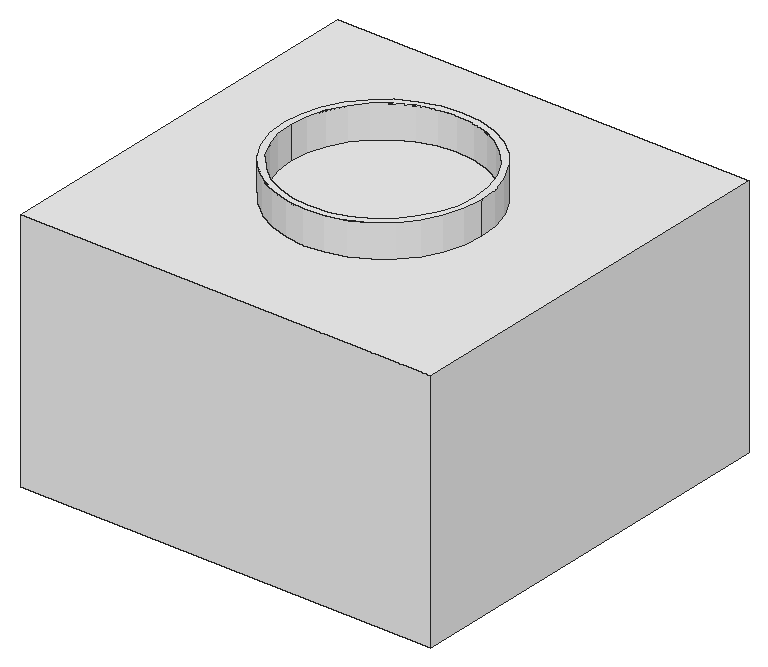
Revit family "Lighting-Recessed-Amerlux-E475RA-C3M", category Lighting Fixtures, host Face, Revit 2014
Parameters (values of type "Trimless")
  Width = 10 1/16"
  Wattage = 9.2903 W
  built-in parameter 1150110 = 1 (stored number, unit not read)
  Voltage = 0 V
  URL = "http://www.amerlux.com/"
  Trim Size = 6"
  Trim [instance] = no
  built-in parameter 1114217 = 1 (stored number, unit not read)
  Tilt Angle = -90.00°
  built-in parameter 1150109 = 1 (stored number, unit not read)
  built-in parameter 1150134 = 3
  built-in parameter 1150113 = 1 (stored number, unit not read)
  Power Factor = 1
  Photometric Web File = "generic"
  Number of Poles = 1
  built-in parameter 1150142 = (empty or 0)
  Model Number = ""
  Model = "E475RAC3M"
  Manufacturer = "Amerlux"
  built-in parameter 1150105 = 109.82 (stored number, unit not read)
  Lumens = 1380 lm
  built-in parameter 1150115 = 1 (stored number, unit not read)
  built-in parameter 1150137 = (empty or 0)
  built-in parameter 1150139 = (empty or 0)
  Length = 14 1/2"
  built-in parameter 1150112 = 1 (stored number, unit not read)
  built-in parameter 1150114 = 1 (stored number, unit not read)
  Lamp = "LED"
  built-in parameter 1150132 = (empty or 0)
  built-in parameter 1150102 = (empty or 0)
  built-in parameter 1150107 = 3200 (stored number, unit not read)
  built-in parameter 1150138 = (empty or 0)
  built-in parameter 1150106 = 1.0982 (stored number, unit not read)
  Height = 7"
  Emit from Circle Diameter = Aperture Size  # 4 3/4"
  Emit Shape Visible in Rendering = no
  built-in parameter 1150104 = 13.8 (stored number, unit not read)
  Dimming Lamp Color Temperature Shift = <None>
  Dimming = ""
  Description = "4.5\" Round Adjustable"
  Default Elevation = 48"
  Color Filter = 16777215
  built-in parameter 1114218 = 1 (stored number, unit not read)
  built-in parameter 1150133 = 10 (stored number, unit not read)
  Apparent Load = 0 VA
  Aperture Size = 4 3/4"
Types (3): name | Trim
  (no name) | no
  Trim | yes
  Trimless | no
Reference planes (in)
  plane 1 "Center (Front/Back)": y = 0
  plane 2: z = 0
  plane 3 "Center (Left/Right)": x = 0
  plane 4: x = -7.25
  plane 5: x = 7.25
  plane 6: z = -7
  plane 7: y = 5.03125
  plane 8: y = -5.03125
Forms (in)
  Extrusion 1, solid, material "Housing"
    sketch origin (0, 0, 0) x (1, 0, 0) y (0, 1, 0)
      loop
        line (-5.16548, 5.03125) -> (-5.16548, -5.03125) -> (5.22568, -5.03125) -> (5.22568, 5.03125) -> (-5.16548, 5.03125)
    from -7 to -0.8255
  Extrusion 2, solid, material "Trim Finish", visible <- "Trim"
    sketch origin (0, 0, 0) x (1, 0, 0) y (0, 1, 0)
      loop
        circle (0, 0) r 3
      loop
        circle (0, 0) r 2.375
    from 0 to 0.08709
  Extrusion 3, solid, material "Housing"
    sketch origin (0, 0, 0) x (1, 0, 0) y (0, 1, 0)
      loop
        circle (0, 0) r 2.34375
      loop
        circle (0, 0) r 2.5
    from -0.8255 to 0
  Extrusion 4, void
    sketch origin (0, 0, 0) x (1, 0, 0) y (0, 1, 0)
      loop
        circle (0, 0) r 2.34375
    from -0.8255 to 0.08709
Cuts and joins
  Extrusion 4 cuts Extrusion 2
Dimensions and locks (in)
  "Height": plane 6 to host face
  "Length": plane 4 to plane 5
  equal spacing: plane 7, plane 1 "Center (Front/Back)", plane 8
  equal spacing: plane 4, plane 3 "Center (Left/Right)", plane 5
  "Width": plane 7 to plane 8
  "Aperture Size": diameter of Extrusion 2 sketch curve
  "Trim Size": diameter of Extrusion 2 sketch curve
  aligned and locked: plane 2 to host face
  aligned and locked: level to host face
  aligned and locked: Extrusion 1 to plane 6
  aligned and locked: Extrusion 1 to plane 8
  aligned and locked: Extrusion 3 to Extrusion 1
  aligned and locked: level to Extrusion 3
  aligned and locked: plane 7 to Extrusion 1
Automatic sketch dimensions
  host sketch curve to host sketch curve = 54.51167"
  host sketch curve to host sketch curve = 52.40009"
  plane 4 to Extrusion 1 sketch curve = 2.08452"
  Extrusion 1 sketch curve to plane 5 = 2.02432"
  Extrusion 1 sketch curve to plane 8 = 0"
  Extrusion 1 sketch curve to plane 7 = 0"
  Extrusion 3 sketch curve to Extrusion 3 sketch curve = 0"  (x2)
  plane 1 "Center (Front/Back)" to Extrusion 3 sketch curve = 0"
  Extrusion 3 sketch curve to plane 3 "Center (Left/Right)" = 0"
  plane 1 "Center (Front/Back)" to Extrusion 4 sketch curve = 0"
  Extrusion 4 sketch curve to plane 3 "Center (Left/Right)" = 0"
  Extrusion 2 sketch curve to Extrusion 2 sketch curve = 0"  (x2)
  plane 1 "Center (Front/Back)" to Extrusion 2 sketch curve = 0"
  Extrusion 2 sketch curve to plane 3 "Center (Left/Right)" = 0"
  radius of Extrusion 3 sketch curve = 2 11/32"
  radius of Extrusion 3 sketch curve = 2 1/2"
  radius of Extrusion 4 sketch curve = 2 11/32"
Connectors (in)
  electrical at (0.0301, 0, -7), driven by "Number of Poles", driven by "Voltage", driven by "Apparent Load", driven by "Power Factor"
    settings: on Extrusion 1, index 1, voltage 0 V, apparent load 0 VA, apparent load phase1 0 VA, apparent load phase2 0 VA, apparent load phase3 0 VA, power factor 1, load classification "Other", number of poles 1, system type 31, power factor state 1, is connector primary yes, connector utility no, sub classification motor no, connector description "Power"
